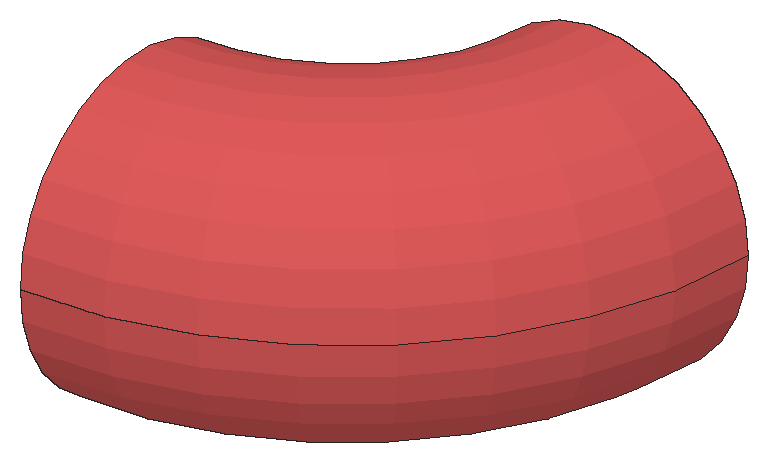
Revit family "Smu_Curvas", category Pipe Fittings, Revit 2025
Family settings
  Round Connector Dimension = Use Diameter
  Part Type = Elbow
  Work Plane-Based = No
  Always vertical = Yes
  Cut with Voids When Loaded = No
  Shared = Yes
Parameters
  Nominal Diameter [instance] = 200.0 mm
  Material_Conexao [instance] = FoFo_SMU
  Manufacturer = "SGC"
  Loss Method = Not Defined
  Tabela [instance] = "Smu_Curva"
  Description = "Curva sistema SMU"
  Default Elevation = 0.0 mm
  Curva_Tipo [instance] = "\"Longa\""
  Corpo_T [instance] = size_lookup(Tabela, "Corpo_T", "Curta", Nominal Diameter, Angle)  # "Curta"
  Corpo_R [instance] = if(Corpo_A = 90.00°, Corpo_L, Corpo_L / tan(A2))  # 207.106 mm
  Corpo_L [instance] = size_lookup(Tabela, "Corpo_L", 120.0 mm, Nominal Diameter, Angle)  # 200.0 mm
  Corpo_A [instance] = size_lookup(Tabela, "Corpo_A", 88.00°, Nominal Diameter, Angle)  # 88.00°
  Angle [instance] = 88.00°
  A2 [instance] = Angle / 2  # 44.00°
Reference planes
  plane 1 "Center (Front/Back)": y = 0
  plane 2: z = 0
  plane 3 "Center (Left/Right)": x = -120
  plane 4: x = -320
  plane 5: y = 207.106
Forms (mm)
  Sweep 1, solid, material "FoFo_SMU" <- "Material_Conexao"
    path origin (0, 0, 0) x (1, 0, 0) y (0, 1, 0)
      loop
        arc (-320, 0) -> (-176.132, 58.126) -> (-113.02, 199.878) r 207.106
    profile origin (-176.132, 58.126, 0) x (-0.694658, 0.71934, 0) y (0, 0, 1)
      loop
        circle (0, 0) r 116.4
Lines and regions (mm)
  reference lines
    curve 1: line (-320, 0, 0) -> (-120, 0, 0)
    curve 2: line (-120, 0, 0) -> (-113.02, 199.878, 0)
Dimensions and locks
  "Corpo_L": plane 4 to plane 3 "Center (Left/Right)"
  "Corpo_R": plane 5 to plane 1 "Center (Front/Back)"
  "Corpo_L": curve 1 to curve 1
  "Corpo_L": curve 2 to curve 2
  "Corpo_R": radius of Sweep 1 sketch curve
  radius of Sweep 1 sketch curve = 116.4 mm
  "Angle": angle Sweep 1 sketch curve to Sweep 1 sketch curve
  "Angle": angle plane 1 "Center (Front/Back)" to curve 2
  aligned and locked: Sweep 1 sketch curve to plane 4
  aligned and locked: plane 3 "Center (Left/Right)" to curve 2
  aligned and locked: plane 1 "Center (Front/Back)" to curve 2
  aligned and locked: Sweep 1 to curve 2
Automatic sketch dimensions
  Sweep 1 sketch curve to level = 0.0 mm
  Sweep 1 sketch curve to profile plane = 0.0 mm
  plane 1 "Center (Front/Back)" to Sweep 1 sketch curve = 0.0 mm
Connectors
  piping at (-113.02, 199.878, 0), diameter 200, driven by "Nominal Diameter", driven by "Angle"
    settings: on Sweep 1, index 1, connector inside diameter 609.6 mm, connector length 0.0 mm, flow factor 0, pipe flow 0 GPM, pressure drop 0.00 psi, fitting loss kfactor 0, connector angle 88.00°, fixture units 0, engagement length 0.0 mm, angle of deflection 0.00°, flow configuration 0, flow direction 0, fitting loss method 0, system type 28, joint type 0, gender type 0, connector reference index -1, connector utility 0, adjustable connector no, is connector primary yes, connector description ""
  piping at (-320, 0, 0), diameter 200, driven by "Nominal Diameter", driven by "Angle"
    settings: on Sweep 1, index 2, connector inside diameter 609.6 mm, connector length 0.0 mm, flow factor 0, pipe flow 0 GPM, pressure drop 0.00 psi, fitting loss kfactor 0, connector angle 88.00°, fixture units 0, engagement length 0.0 mm, angle of deflection 0.00°, flow configuration 0, flow direction 0, fitting loss method 0, system type 28, joint type 0, gender type 0, connector reference index -1, connector utility 0, adjustable connector no, is connector primary no, connector description ""
